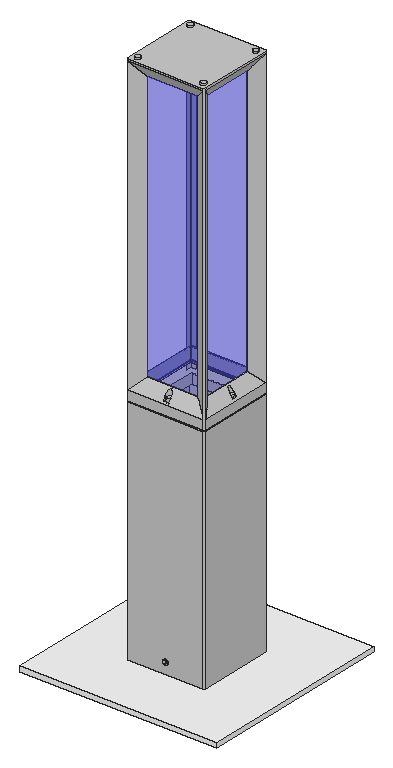
Revit family "BE_84667_de_DE", category Leuchten, Revit 2020
Family settings
  Basisbauteil = Fläche
  Bemaßung runder Anschluss = Durchmesser verwenden
  Teiletyp = Normal
  Beim Laden mit Abzugskörper schneiden = Ja
  Lichtquelle = Ja
  Gemeinsam genutzt = Nein
  Raumberechnungspunkt = Ja
Parameters (values of type "BEGA_84667_Silber_K3")
  built-in parameter 1150104 = 12.975 (stored number, unit not read)
  Wattage = 23.2 W
  Default Elevation = 0 mm
  built-in parameter 1150113 = 1 (stored number, unit not read)
  built-in parameter 1114218 = 1 (stored number, unit not read)
  Umgebungstemperatur = "25 °C"
  URL = "https://www.bega.com/de/produkt/84667"
  Typenkommentare = "© 2022 BEGA. Wir behalten uns das Recht vor, technische Änderungen ohne vorherige Ankündigung vorzunehmen."  # constant formula
  Type Image = 84667.png
  built-in parameter 1150134 = (empty or 0)
  built-in parameter 1150109 = 1 (stored number, unit not read)
  Strom = ""
  built-in parameter 1150110 = 1 (stored number, unit not read)
  Spannung = 239.996 V
  Sonderanfertigung = no
  Seriennummer [instance] = "Hier können Sie die eindeutige Seriennummer für das Facility Management eintragen."
  Schutzklasse = "I"
  Schutzart = "IP 65"
  Scheinlast = 0 VA
  Produktdatenblatt = "https://cdn.bega.com/bega/products/84667K3/current/documents/data-sheets/de"
  Oberflächentemperatur = ""
  Neigungswinkel = 0.00°
  Modell = "84667AK3"
  Material_18 = BEGA_Gummi_schwarz
  Material_17 = BEGA_Reflektor
  Material_15 = BEGA_Leuchtmedium_matt
  Material_14 = BEGA_Kunststoff_opal
  Material_11 = BEGA_Glas_opal
  Material_09 = BEGA_Glas_klar
  Material_06 = BEGA_Oberfläche_Edelstahl_gebürstet
  Material_03 = BEGA_Oberfläche_Weiss_matt
  Material_02 = BEGA_Oberfläche_Silber_matt
  Material_01 [instance] = BEGA_Oberfläche_Grafit_matt
  M_W = no
  M_G = no
  M_A = yes
  Logo = 0
  built-in parameter 1114217 = 1 (stored number, unit not read)
  built-in parameter 1150139 = (empty or 0)
  built-in parameter 1150105 = 257.84 (stored number, unit not read)
  built-in parameter 1150114 = 1 (stored number, unit not read)
  Lumens = 3240.11 lm
  built-in parameter 1150115 = 1 (stored number, unit not read)
  Leuchtenlichtstrom = "2427 lm"
  Leuchtenanzahl = ""
  Lebensdauerkriterien = "L70B50 @ 25 °C = 170000 h"
  Lastklassifizierung = Beleuchtung
  built-in parameter 1150112 = 1 (stored number, unit not read)
  Lampenlichtstrom = "3840 lm"
  Lampe = "LED 22.4 W"
  LED_Modulbezeichnung = "4x LED-1312/830"
  built-in parameter 1150142 = (empty or 0)
  Hersteller = "BEGA"  # constant formula
  Halbstreuwinkel = ""
  Gewicht = "9.7 kg"
  Gebrauchslageneinschränkung [instance] = ""
  Frequenz = "0/50-60 Hz"
  Farbwiedergabeindex = "CRI > 80"
  Farbtemperaturverschiebung bei Dämpfen der Lampe = <Keine Auswahl>
  Farbtemperatur = "3000 K"
  Farbfilter = 16777215
  Erdstück = no
  built-in parameter 1150133 = 10 (stored number, unit not read)
  Energieeffizienzklasse = "LED A++ - A"
  built-in parameter 1150137 = (empty or 0)
  built-in parameter 1150132 = (empty or 0)
  ENEC = "ja"
  Dimmbar [instance] = "DALI"
  Datei für fotometrisches Netz = "BE_84667K3.IES"
  CE_Konformität = "ja"
  Bestellnummer_Erdstück = if(Erdstück, "70895", "---")  # "---"
  Bestellnummer = "84667AK3"
  Beschreibung_Sonderanfertigung = "Hier können Sie Informationen zur Sonderanfertigung eintragen."
  Beschreibung = "Pollerleuchte"
  built-in parameter 1150106 = 2.5784 (stored number, unit not read)
  Befestigungsbohrung = ""
  Befestigungsabstand = ""
  Ballwurfsicher = ""
  BEGA_Intern_aus = yes
  BEGA_Intern_an = yes
  BEGA_Intern_Konstruktion = yes
  BEGA_Intern = yes
  BEGA_IES = yes
  BEGA_Dummy = no
  Anschlussleitung = ""
  Anschlussleistung [instance] = "25.5 W"
  built-in parameter 1150107 = 3000 (stored number, unit not read)
  built-in parameter 1150102 = (empty or 0)
  built-in parameter 1150138 = (empty or 0)
  Aktualisierung = "2022-05-19T04:00:07"
  Abstand_zur_angestrahlten_Fläche [instance] = ""
  AC/DC = "AC/DC"
Types (4, lengths in mm): name | built-in parameter 1150104 | built-in parameter 1150134 | Modell | M_G | M_A | built-in parameter 1150105 | Lumens | Leuchtenlichtstrom | Lampenlichtstrom | LED_Modulbezeichnung | Farbtemperatur | Datei für fotometrisches Netz | Bestellnummer | built-in parameter 1150106 | built-in parameter 1150107
  BEGA_84667_Silber_K3 | 12.975 (stored number, unit not read) | (empty or 0) | "84667AK3" | no | yes | 257.84 (stored number, unit not read) | 3240.11 lm | "2427 lm" | "3840 lm" | "4x LED-1312/830" | "3000 K" | "BE_84667K3.IES" | "84667AK3" | 2.5784 (stored number, unit not read) | 3000 (stored number, unit not read)
  BEGA_84667_Silber_K4 | 14.256 (stored number, unit not read) | 12 | "84667AK4" | no | yes | 283.3 (stored number, unit not read) | 3560.04 lm | "2553 lm" | "4040 lm" | "4x LED-1312/840" | "4000 K" | "BE_84667K4.IES" | "84667AK4" | 2.833 (stored number, unit not read) | 4000 (stored number, unit not read)
  BEGA_84667_Grafit_K3 | 14.256 (stored number, unit not read) | 12 | "84667K3" | yes | no | 283.3 (stored number, unit not read) | 3560.04 lm | "2427 lm" | "3840 lm" | "4x LED-1312/830" | "3000 K" | "BE_84667K3.IES" | "84667K3" | 2.833 (stored number, unit not read) | 4000 (stored number, unit not read)
  BEGA_84667_Grafit_K4 | 14.256 (stored number, unit not read) | 12 | "84667K4" | yes | no | 283.3 (stored number, unit not read) | 3560.04 lm | "2553 lm" | "4040 lm" | "4x LED-1312/840" | "4000 K" | "BE_84667K4.IES" | "84667K4" | 2.833 (stored number, unit not read) | 4000 (stored number, unit not read)
Reference planes
  plane 1 "Mitte (Vorne/Hinten)": y = 0
  plane 2: z = 0
  plane 3 "Mitte (Links/Rechts)": x = 0
  plane 4 "Links": x = -80.17
  plane 5 "Rechts": x = 80.17
  plane 6 "Unten": y = -80.171
  plane 7 "Oben": y = 80.171
  plane 8 "Vorne": z = 1099.017
  plane 9 "Hinten": z = 0
Forms (mm)
  Extrusion 1, solid, material "BEGA_Platte_Weiss"
    sketch origin (0, -1119.2, 0) x (1, 0, 0) y (0, 1, 0)
      loop
        line (-200, 1319.2) -> (-200, 919.2) -> (200, 919.2) -> (200, 1319.2) -> (-200, 1319.2)
    from 0 to -10
  Extrusion 2, solid, material "BEGA_Dummy_matt", visible <- "BEGA_Dummy"
    sketch origin (80.095, -76.023, 0) x (1, 0, 0) y (0, 1, 0)
      loop
        line (-160.266, 156.194) -> (-160.266, -4.148) -> (0.075, -4.148) -> (0.075, 156.194) -> (-160.266, 156.194)
    from 0 to 1099.017
Dimensions and locks
  plane 1 "Mitte (Vorne/Hinten)" to Extrusion 1 = 200 mm
  aligned and locked: plane 2 to Extrusion 1
  aligned and locked: level to Extrusion 1
Nested families
  nested 1: "BE_84667" at (0, 0, 0), type "BE_84667"
Connectors
  electrical at (0, 0, 0), driven by "Lastklassifizierung", driven by "Spannung", driven by "Scheinlast"
    settings: index 1, voltage 239.996 V, apparent load 0 VA, apparent load phase1 0 VA, apparent load phase2 0 VA, apparent load phase3 0 VA, power factor 1, load classification "Beleuchtung", number of poles 1, system type 31, power factor state 1, is connector primary yes, connector utility no, sub classification motor no, connector description ""
Definition of nested family "BE_84667"
  Parameters (values of type "BE_84667")
    Default Elevation = 1 mm
    URL = "http://www.bega.de/de/produkt"
    Type Comments = "© 2015 BEGA. Wir behalten uns das Recht vor, technische Änderungen ohne vorherige Ankündigung vorzunehmen. "  # constant formula
    Type Image = (empty or 0)
    Material_18 = none
    Material_17 = none
    Material_15 = none
    Material_14 = none
    Material_11 = none
    Material_09 = none
    Material_06 = none
    Material_03 = none
    Material_02 = none
    Material_01 = none
    M_W = yes
    M_G = yes
    M_A = yes
    Länge_Platte = 200 mm  # constant formula
    Höhe_Platte = -10 mm  # constant formula
    Manufacturer = "BEGA"  # constant formula
    Breite_Platte = 200 mm  # constant formula
  Reference planes
    plane 1 "Mitte (Oben/Unten)": y = 0
    plane 2: z = 0
    plane 3 "Mitte (Links/Rechts)": x = 0
    plane 4: x = -80.17
    plane 5: z = 1099.017
    plane 6: z = 1099.017
    plane 7: x = 80.17
    plane 8: y = -80.171
    plane 9: y = 80.171
  Forms (mm)
    Extrusion 1, solid, detail levels medium
      sketch origin (0, 0, 0) x (1, 0, 0) y (0, 1, 0)
        loop
          line (-100, 100) -> (-100, -100) -> (100, -100) -> (100, 100) -> (-100, 100)
      from 0 to -10 <- "Höhe_Platte"
    Extrusion 2, solid, material <- "Material_01", visible <- "M_G", detail levels medium+fine
      sketch origin (0, 0, 0) x (1, 0, 0) y (0, 1, 0)
        loop
          circle (0, 0) r 76
        loop
          arc (12.543, 43.745) -> (18.102, 46.827) -> (15.021, 52.386) r 4.495
          arc (15.021, 52.386) -> (0.004, 54.497) -> (-15.014, 52.388) r 54.493
          arc (-15.014, 52.388) -> (-18.105, 46.831) -> (-12.544, 43.745) r 4.495
          arc (-12.544, 43.745) -> (-0.001, 45.508) -> (12.543, 43.745) r 45.516
        loop
          arc (-44.156, -11.01) -> (-49.605, -7.737) -> (-52.878, -13.185) r 4.495
          arc (-52.878, -13.185) -> (-47.198, -27.245) -> (-37.863, -39.196) r 54.493
          arc (-37.863, -39.196) -> (-31.505, -39.095) -> (-31.612, -32.736) r 4.495
          arc (-31.612, -32.736) -> (-39.411, -22.754) -> (-44.156, -11.01) r 45.516
        loop
          arc (37.859, -39.2) -> (47.193, -27.253) -> (52.875, -13.198) r 54.493
          arc (52.875, -13.198) -> (49.612, -7.737) -> (44.157, -11.009) r 4.494
          arc (44.157, -11.009) -> (39.411, -22.753) -> (31.613, -32.735) r 45.516
          arc (31.613, -32.735) -> (31.504, -39.09) -> (37.859, -39.2) r 4.495
        loop
          arc (-21.883, 22.658) -> (-21.793, 27.604) -> (-26.74, 27.699) r 3.5
          arc (-26.74, 27.699) -> (-33.344, 19.247) -> (-37.359, 9.302) r 38.5
          arc (-37.359, 9.302) -> (-34.802, 5.069) -> (-30.564, 7.621) r 3.5
          arc (-30.564, 7.621) -> (-27.28, 15.749) -> (-21.883, 22.658) r 31.5
        loop
          arc (26.744, 27.695) -> (21.795, 27.609) -> (21.881, 22.66) r 3.5
          arc (21.881, 22.66) -> (27.28, 15.75) -> (30.564, 7.621) r 31.5
          arc (30.564, 7.621) -> (34.807, 5.072) -> (37.356, 9.315) r 3.5
          arc (37.356, 9.315) -> (33.342, 19.251) -> (26.744, 27.695) r 38.5
        loop
          arc (-8.682, -30.28) -> (-13.01, -32.677) -> (-10.617, -37.007) r 3.5
          arc (-10.617, -37.007) -> (0.002, -38.5) -> (10.621, -37.006) r 38.5
          arc (10.621, -37.006) -> (13.011, -32.675) -> (8.683, -30.28) r 3.5
          arc (8.683, -30.28) -> (0, -31.5) -> (-8.682, -30.28) r 31.5
        loop
          circle (0, 0) r 21.562
      from 0 to 5.68
    Sweep 3, solid, material <- "Material_01", visible <- "M_G", detail levels medium+fine
      path origin (0, 0, 0) x (1, 0, 0) y (0, 1, 0)
        loop
          line (-80.008, 80.008) -> (-80.008, -80.008) -> (80.008, -80.008) -> (80.008, 80.008) -> (-80.008, 80.008)
      profile origin (-80.008, 0, 0) x (1, 0, 0) y (0, 0, 1)
        loop
          line (0, 2.387) -> (2.508, 2.387) -> (2.508, 457.387) -> (30.465, 457.387) -> (30.465, 479.002) -> (3.508, 479.002) -> (3.508, 472.387) -> (0, 472.387) -> (0, 2.387)
    Extrusion 4, solid, material <- "Material_01", visible <- "M_G", detail levels medium+fine
      sketch origin (0, 0, 0) x (1, 0, 0) y (0, 1, 0)
        loop
          line (-77.5, 77.5) -> (-77.5, -77.5) -> (77.5, -77.5) -> (77.5, 77.5) -> (-77.5, 77.5)
        loop
          circle (0, 0) r 76
        loop
          circle (-60.104, 60.104) r 4
        loop
          circle (60.104, 60.104) r 4
        loop
          circle (-60.104, -60.104) r 4
        loop
          circle (62.225, -62.225) r 2.5
      from 5.68 to 12.547
    Sweep 5, solid, material <- "Material_01", visible <- "M_G", detail levels medium+fine
      path origin (0, 0, 0) x (1, 0, 0) y (0, 1, 0)
        loop
          line (-80.008, 80.008) -> (-80.008, -80.008) -> (80.008, -80.008) -> (80.008, 80.008) -> (-80.008, 80.008)
      profile origin (-80.008, 0, 0) x (1, 0, 0) y (0, 0, 1)
        loop
          line (3.008, 475.605) -> (3.658, 494.217) -> (18.508, 494.217) -> (18.508, 519.105) -> (17.215, 519.105) -> (-0.163, 493.994) -> (-0.163, 475.605) -> (3.008, 475.605)
    Sweep 6, solid, material <- "Material_01", visible <- "M_G", detail levels medium+fine
      path origin (0, 0, 0) x (1, 0, 0) y (0, 1, 0)
        loop
          line (-80.008, 80.008) -> (-80.008, -80.008) -> (80.008, -80.008) -> (80.008, 80.008) -> (-80.008, 80.008)
      profile origin (-80.008, 0, 0) x (1, 0, 0) y (0, 0, 1)
        loop
          line (-0.163, 1099.017) -> (-0.163, 1094.579) -> (17.425, 1069.017) -> (18.543, 1069.017) -> (18.543, 1095.017) -> (50.386, 1095.017) -> (50.386, 1099.017) -> (-0.163, 1099.017)
    Extrusion 7, solid, material <- "Material_01", visible <- "M_G", detail levels medium+fine
      sketch origin (0, 0, 0) x (1, 0, 0) y (0, 0, 1)
        loop
          line (-29.622, 1099.017) -> (-29.622, 1095.017) -> (29.622, 1095.017) -> (29.622, 1099.017) -> (-29.622, 1099.017)
      from -29.622 to 34.5
    Extrusion 8, solid, material <- "Material_01", visible <- "M_G", detail levels medium+fine
      sketch origin (0, 0, 0) x (1, 0, 0) y (0, 1, 0)
        loop
          line (-62.793, 51.784) -> (-62.793, 62.793) -> (-51.784, 62.793) -> (-76.602, 80.171) -> (-80.171, 80.171) -> (-80.171, 76.602) -> (-62.793, 51.784)
        loop
          line (62.793, 51.784) -> (80.171, 76.602) -> (80.171, 80.171) -> (76.602, 80.171) -> (51.784, 62.793) -> (62.793, 62.793) -> (62.793, 51.784)
        loop
          line (-62.793, -51.784) -> (-80.171, -76.602) -> (-80.171, -80.171) -> (-76.602, -80.171) -> (-51.784, -62.793) -> (-62.793, -62.793) -> (-62.793, -51.784)
        loop
          line (62.793, -51.784) -> (62.793, -62.793) -> (51.784, -62.793) -> (76.602, -80.171) -> (80.171, -80.171) -> (80.171, -76.602) -> (62.793, -51.784)
      from 475.887 to 1099.017
    Extrusion 9, void
      sketch origin (0, 0, 0) x (1, 0, 0) y (0, 1, 0)
        loop
          line (-76.026, 80.746) -> (-80.575, 80.746) -> (-80.575, 76.198) -> (-76.026, 80.746)
      from 0 to 1102.71
    Extrusion 10, void
      sketch origin (0, 0, 0) x (1, 0, 0) y (0, 1, 0)
        loop
          line (80.566, 80.582) -> (76.158, 80.582) -> (80.566, 76.174) -> (80.566, 80.582)
      from 0 to 1105.931
    Extrusion 11, void
      sketch origin (0, 0, 0) x (1, 0, 0) y (0, 1, 0)
        loop
          line (-76.026, -80.746) -> (-80.575, -76.198) -> (-80.575, -80.746) -> (-76.026, -80.746)
      from 0 to 1102.71
    Extrusion 12, void
      sketch origin (0, 0, 0) x (1, 0, 0) y (0, 1, 0)
        loop
          line (80.566, -80.582) -> (80.566, -76.174) -> (76.158, -80.582) -> (80.566, -80.582)
      from 0 to 1105.931
    Extrusion 13, solid, material <- "Material_06", detail levels fine
      sketch origin (0, 0, 0) x (1, 0, 0) y (0, 1, 0)
        loop
          arc (-71.794, 64.486) -> (-65.619, 61.439) -> (-61.308, 66.808) r 5.5
          arc (-61.308, 66.808) -> (-67.997, 72.178) -> (-71.794, 64.486) r 5.5
        loop
          arc (71.794, 64.486) -> (67.997, 72.178) -> (61.308, 66.808) r 5.5
          arc (61.308, 66.808) -> (65.619, 61.439) -> (71.794, 64.486) r 5.5
        loop
          arc (-71.794, -64.486) -> (-67.997, -72.178) -> (-61.308, -66.808) r 5.5
          arc (-61.308, -66.808) -> (-65.619, -61.438) -> (-71.794, -64.486) r 5.5
        loop
          arc (71.794, -64.486) -> (65.619, -61.438) -> (61.308, -66.808) r 5.5
          arc (61.308, -66.808) -> (67.997, -72.178) -> (71.794, -64.486) r 5.5
      from 1099.017 to 1100.71
    Extrusion 14, void
      sketch origin (0, 0, 0) x (1, 0, 0) y (0, 1, 0)
        loop
          line (-82.825, 5.803) -> (-82.825, -5.803) -> (-70.737, -5.803)
          arc (-70.737, -5.803) -> (-64.934, 0) -> (-70.737, 5.803) r 5.803
          line (-70.737, 5.803) -> (-82.825, 5.803)
        loop
          line (82.825, 5.803) -> (70.737, 5.803)
          arc (70.737, 5.803) -> (64.934, 0) -> (70.737, -5.803) r 5.803
          line (70.737, -5.803) -> (82.825, -5.803) -> (82.825, 5.803)
        loop
          line (-5.803, 82.679) -> (-5.803, 70.592)
          arc (-5.803, 70.592) -> (0, 64.789) -> (5.803, 70.592) r 5.803
          line (5.803, 70.592) -> (5.803, 82.679) -> (-5.803, 82.679)
        loop
          line (-5.803, -82.679) -> (5.803, -82.679) -> (5.803, -70.592)
          arc (5.803, -70.592) -> (0, -64.789) -> (-5.803, -70.592) r 5.803
          line (-5.803, -70.592) -> (-5.803, -82.679)
      from 497.823 to 518.752
    Extrusion 15, solid, material <- "Material_06", detail levels fine
      sketch origin (0, 0, 0) x (1, 0, 0) y (0, 1, 0)
        loop
          circle (-70.75, 0) r 5
        loop
          circle (70.75, 0) r 5
        loop
          circle (0, 70.75) r 5
        loop
          circle (0, -70.75) r 5
      from 497.887 to 503.887
    Revolve 16, void
      sketch origin (0, 0, 0) x (0, 1, 0) y (0, 0, 1)
        loop
          line (-77.832, 29.637) -> (-81.337, 29.637) -> (-81.337, 24.387) -> (-77.832, 24.387) -> (-77.832, 29.637)
        axis (-81.337, 24.387) -> (-77.832, 24.387)
      angle from 0 to 360
    Revolve 17, solid, material <- "Material_06", detail levels fine
      sketch origin (0, 0, 0) x (0, 1, 0) y (0, 0, 1)
        loop
          line (-77.832, 29.387) -> (-80.121, 29.387) -> (-81.041, 28.467) -> (-81.041, 24.387) -> (-77.832, 24.387) -> (-77.832, 29.387)
        axis (-81.041, 24.387) -> (-77.832, 24.387)
      angle from 0 to 360
    Sweep 18, solid, material <- "Material_14", detail levels medium+fine
      path origin (0, 0, 0) x (1, 0, 0) y (0, 1, 0)
        loop
          line (-77.5, -77.5) -> (77.5, -77.5) -> (77.5, 77.5) -> (-77.5, 77.5) -> (-77.5, -77.5)
      profile origin (-77.5, 0, 0) x (-1, 0, 0) y (0, 0, 1)
        loop
          line (-17.5, 491.387) -> (-17.5, 1088.387) -> (-21, 1088.387) -> (-21, 491.387) -> (-17.5, 491.387)
    Extrusion 19, solid, material <- "Material_02", visible <- "M_A", detail levels medium+fine
      sketch origin (0, 0, 0) x (1, 0, 0) y (0, 1, 0)
        loop
          circle (0, 0) r 76
        loop
          arc (12.543, 43.745) -> (18.102, 46.827) -> (15.021, 52.386) r 4.495
          arc (15.021, 52.386) -> (0.004, 54.497) -> (-15.014, 52.388) r 54.493
          arc (-15.014, 52.388) -> (-18.105, 46.831) -> (-12.544, 43.745) r 4.495
          arc (-12.544, 43.745) -> (-0.001, 45.508) -> (12.543, 43.745) r 45.516
        loop
          arc (-44.156, -11.01) -> (-49.605, -7.737) -> (-52.878, -13.185) r 4.495
          arc (-52.878, -13.185) -> (-47.198, -27.245) -> (-37.863, -39.196) r 54.493
          arc (-37.863, -39.196) -> (-31.505, -39.095) -> (-31.612, -32.736) r 4.495
          arc (-31.612, -32.736) -> (-39.411, -22.754) -> (-44.156, -11.01) r 45.516
        loop
          arc (37.859, -39.2) -> (47.193, -27.253) -> (52.875, -13.198) r 54.493
          arc (52.875, -13.198) -> (49.612, -7.737) -> (44.157, -11.009) r 4.494
          arc (44.157, -11.009) -> (39.411, -22.753) -> (31.613, -32.735) r 45.516
          arc (31.613, -32.735) -> (31.504, -39.09) -> (37.859, -39.2) r 4.495
        loop
          arc (-21.883, 22.658) -> (-21.793, 27.604) -> (-26.74, 27.699) r 3.5
          arc (-26.74, 27.699) -> (-33.344, 19.247) -> (-37.359, 9.302) r 38.5
          arc (-37.359, 9.302) -> (-34.802, 5.069) -> (-30.564, 7.621) r 3.5
          arc (-30.564, 7.621) -> (-27.28, 15.749) -> (-21.883, 22.658) r 31.5
        loop
          arc (26.744, 27.695) -> (21.795, 27.609) -> (21.881, 22.66) r 3.5
          arc (21.881, 22.66) -> (27.28, 15.75) -> (30.564, 7.621) r 31.5
          arc (30.564, 7.621) -> (34.807, 5.072) -> (37.356, 9.315) r 3.5
          arc (37.356, 9.315) -> (33.342, 19.251) -> (26.744, 27.695) r 38.5
        loop
          arc (-8.682, -30.28) -> (-13.01, -32.677) -> (-10.617, -37.007) r 3.5
          arc (-10.617, -37.007) -> (0.002, -38.5) -> (10.621, -37.006) r 38.5
          arc (10.621, -37.006) -> (13.011, -32.675) -> (8.683, -30.28) r 3.5
          arc (8.683, -30.28) -> (0, -31.5) -> (-8.682, -30.28) r 31.5
        loop
          circle (0, 0) r 21.562
      from 0 to 5.68
    Sweep 20, solid, material <- "Material_02", visible <- "M_A", detail levels medium+fine
      path origin (0, 0, 0) x (1, 0, 0) y (0, 1, 0)
        loop
          line (-80.008, 80.008) -> (-80.008, -80.008) -> (80.008, -80.008) -> (80.008, 80.008) -> (-80.008, 80.008)
      profile origin (-80.008, 0, 0) x (1, 0, 0) y (0, 0, 1)
        loop
          line (0, 2.387) -> (2.508, 2.387) -> (2.508, 457.387) -> (30.465, 457.387) -> (30.465, 479.002) -> (3.508, 479.002) -> (3.508, 472.387) -> (0, 472.387) -> (0, 2.387)
    Extrusion 21, solid, material <- "Material_02", visible <- "M_A", detail levels medium+fine
      sketch origin (0, 0, 0) x (1, 0, 0) y (0, 1, 0)
        loop
          line (-77.5, 77.5) -> (-77.5, -77.5) -> (77.5, -77.5) -> (77.5, 77.5) -> (-77.5, 77.5)
        loop
          circle (0, 0) r 76
        loop
          circle (-60.104, 60.104) r 4
        loop
          circle (60.104, 60.104) r 4
        loop
          circle (-60.104, -60.104) r 4
        loop
          circle (62.225, -62.225) r 2.5
      from 5.68 to 12.547
    Sweep 22, solid, material <- "Material_02", visible <- "M_A", detail levels medium+fine
      path origin (0, 0, 0) x (1, 0, 0) y (0, 1, 0)
        loop
          line (-80.008, 80.008) -> (-80.008, -80.008) -> (80.008, -80.008) -> (80.008, 80.008) -> (-80.008, 80.008)
      profile origin (-80.008, 0, 0) x (1, 0, 0) y (0, 0, 1)
        loop
          line (3.008, 475.605) -> (3.658, 494.217) -> (18.508, 494.217) -> (18.508, 519.105) -> (17.215, 519.105) -> (-0.163, 493.994) -> (-0.163, 475.605) -> (3.008, 475.605)
    Sweep 23, solid, material <- "Material_02", visible <- "M_A", detail levels medium+fine
      path origin (0, 0, 0) x (1, 0, 0) y (0, 1, 0)
        loop
          line (-80.008, 80.008) -> (-80.008, -80.008) -> (80.008, -80.008) -> (80.008, 80.008) -> (-80.008, 80.008)
      profile origin (-80.008, 0, 0) x (1, 0, 0) y (0, 0, 1)
        loop
          line (-0.163, 1099.017) -> (-0.163, 1094.579) -> (17.425, 1069.017) -> (18.543, 1069.017) -> (18.543, 1095.017) -> (50.386, 1095.017) -> (50.386, 1099.017) -> (-0.163, 1099.017)
    Extrusion 24, solid, material <- "Material_02", visible <- "M_A", detail levels medium+fine
      sketch origin (0, 0, 0) x (1, 0, 0) y (0, 0, 1)
        loop
          line (-29.622, 1099.017) -> (-29.622, 1095.017) -> (29.622, 1095.017) -> (29.622, 1099.017) -> (-29.622, 1099.017)
      from -29.622 to 34.5
    Extrusion 25, solid, material <- "Material_02", visible <- "M_A", detail levels medium+fine
      sketch origin (0, 0, 0) x (1, 0, 0) y (0, 1, 0)
        loop
          line (-62.793, 51.784) -> (-62.793, 62.793) -> (-51.784, 62.793) -> (-76.602, 80.171) -> (-80.171, 80.171) -> (-80.171, 76.602) -> (-62.793, 51.784)
        loop
          line (62.793, 51.784) -> (80.171, 76.602) -> (80.171, 80.171) -> (76.602, 80.171) -> (51.784, 62.793) -> (62.793, 62.793) -> (62.793, 51.784)
        loop
          line (-62.793, -51.784) -> (-80.171, -76.602) -> (-80.171, -80.171) -> (-76.602, -80.171) -> (-51.784, -62.793) -> (-62.793, -62.793) -> (-62.793, -51.784)
        loop
          line (62.793, -51.784) -> (62.793, -62.793) -> (51.784, -62.793) -> (76.602, -80.171) -> (80.171, -80.171) -> (80.171, -76.602) -> (62.793, -51.784)
      from 475.887 to 1099.017
  Cuts and joins
    Extrusion 9, Extrusion 10, Extrusion 11, Extrusion 12, Extrusion 14, Revolve 16 cuts Sweep 3
    Extrusion 9, Extrusion 10, Extrusion 11, Extrusion 12, Extrusion 14, Revolve 16 cuts Extrusion 4
    joined: Sweep 3, Extrusion 4
    Extrusion 9, Extrusion 10, Extrusion 11, Extrusion 12, Extrusion 14 cuts Sweep 5
    Extrusion 9, Extrusion 10, Extrusion 11, Extrusion 12, Extrusion 14 cuts Sweep 6
    Extrusion 11, Extrusion 12, Extrusion 14 cuts Extrusion 7
    Extrusion 9, Extrusion 10, Extrusion 11, Extrusion 12, Extrusion 14 cuts Extrusion 8
    joined: Sweep 5, Sweep 6, Extrusion 7, Extrusion 8
    Extrusion 9, Extrusion 10, Extrusion 11, Extrusion 12, Revolve 16 cuts Sweep 20
    joined: Sweep 20, Extrusion 21
    Extrusion 9, Extrusion 10, Extrusion 11, Extrusion 12, Extrusion 14 cuts Sweep 22
    Extrusion 9, Extrusion 10, Extrusion 11, Extrusion 12 cuts Sweep 23
    Extrusion 9 cuts Extrusion 24
    Extrusion 9, Extrusion 10, Extrusion 11, Extrusion 12 cuts Extrusion 25
    joined: Sweep 22, Sweep 23, Extrusion 24, Extrusion 25
  Dimensions and locks
    equal spacing: Extrusion 1 sketch curve, plane 3 "Mitte (Links/Rechts)", Extrusion 1 sketch curve
    equal spacing: Extrusion 1 sketch curve, plane 1 "Mitte (Oben/Unten)", Extrusion 1 sketch curve
    "Länge_Platte": Extrusion 1 sketch curve to Extrusion 1 sketch curve
    "Breite_Platte": Extrusion 1 sketch curve to Extrusion 1 sketch curve
    aligned and locked: Extrusion 1 to plane 2
    aligned and locked: level to Extrusion 1
  Automatic sketch dimensions
    Extrusion 2 sketch curve to Extrusion 2 sketch curve = 0 mm  (x27)
    Extrusion 2 sketch curve to plane 3 "Mitte (Links/Rechts)" = 0 mm  (x3)
    plane 1 "Mitte (Oben/Unten)" to Extrusion 2 sketch curve = 0 mm  (x3)
    Extrusion 2 sketch curve to plane 3 "Mitte (Links/Rechts)" = 0.004 mm
    Extrusion 2 sketch curve to Extrusion 2 sketch curve = 0.003 mm
    Extrusion 2 sketch curve to plane 3 "Mitte (Links/Rechts)" = 9.647 mm
    Extrusion 2 sketch curve to plane 3 "Mitte (Links/Rechts)" = 13.783 mm
    Extrusion 2 sketch curve to plane 3 "Mitte (Links/Rechts)" = 24.314 mm
    Extrusion 2 sketch curve to plane 1 "Mitte (Oben/Unten)" = 8.467 mm
    Extrusion 2 sketch curve to Extrusion 2 sketch curve = 9.647 mm
    Extrusion 2 sketch curve to Extrusion 2 sketch curve = 25.088 mm
    plane 1 "Mitte (Oben/Unten)" to Extrusion 2 sketch curve = 12.098 mm
    Extrusion 2 sketch curve to Extrusion 2 sketch curve = 14.557 mm  (x2)
    plane 3 "Mitte (Links/Rechts)" to Extrusion 2 sketch curve = 0 mm  (x4)
    Extrusion 2 sketch curve to plane 1 "Mitte (Oben/Unten)" = 0.001 mm
    plane 3 "Mitte (Links/Rechts)" to Extrusion 2 sketch curve = 0.001 mm
    plane 3 "Mitte (Links/Rechts)" to Extrusion 2 sketch curve = 0.003 mm
    Extrusion 2 sketch curve to Extrusion 2 sketch curve = 0.007 mm
    plane 3 "Mitte (Links/Rechts)" to Extrusion 2 sketch curve = 9.648 mm
    plane 3 "Mitte (Links/Rechts)" to Extrusion 2 sketch curve = 13.782 mm
    plane 3 "Mitte (Links/Rechts)" to Extrusion 2 sketch curve = 24.313 mm
    Extrusion 2 sketch curve to plane 1 "Mitte (Oben/Unten)" = 8.468 mm
    Extrusion 2 sketch curve to Extrusion 2 sketch curve = 9.648 mm
    Extrusion 2 sketch curve to Extrusion 2 sketch curve = 25.089 mm
    plane 1 "Mitte (Oben/Unten)" to Extrusion 2 sketch curve = 12.096 mm
    plane 1 "Mitte (Oben/Unten)" to Extrusion 2 sketch curve = 33.644 mm
    Extrusion 2 sketch curve to Extrusion 2 sketch curve = 2.324 mm
    Extrusion 2 sketch curve to Extrusion 2 sketch curve = 2.325 mm
    Extrusion 2 sketch curve to Extrusion 2 sketch curve = 0.008 mm
    plane 1 "Mitte (Oben/Unten)" to Extrusion 2 sketch curve = 0.003 mm
    plane 1 "Mitte (Oben/Unten)" to Extrusion 2 sketch curve = 0.002 mm
    Extrusion 2 sketch curve to plane 1 "Mitte (Oben/Unten)" = 0 mm
    Extrusion 2 sketch curve to plane 1 "Mitte (Oben/Unten)" = 0.004 mm  (x2)
    Extrusion 2 sketch curve to Extrusion 2 sketch curve = 0.004 mm
    Extrusion 2 sketch curve to Extrusion 2 sketch curve = 16.709 mm  (x2)
    Extrusion 2 sketch curve to Extrusion 2 sketch curve = 22.89 mm
    Extrusion 2 sketch curve to Extrusion 2 sketch curve = 22.889 mm
    Extrusion 2 sketch curve to Extrusion 2 sketch curve = 0.965 mm  (x2)
    Extrusion 2 sketch curve to Extrusion 2 sketch curve = 0.97 mm
    Extrusion 2 sketch curve to Extrusion 2 sketch curve = 1.239 mm  (x3)
    Extrusion 2 sketch curve to Extrusion 2 sketch curve = 1.231 mm
    Extrusion 2 sketch curve to Extrusion 2 sketch curve = 2.431 mm  (x3)
    Extrusion 2 sketch curve to Extrusion 2 sketch curve = 2.426 mm
    Extrusion 2 sketch curve to Extrusion 2 sketch curve = 3.397 mm
    Extrusion 2 sketch curve to Extrusion 2 sketch curve = 0.001 mm  (x3)
    Extrusion 2 sketch curve to Extrusion 2 sketch curve = 3.122 mm
    Extrusion 2 sketch curve to Extrusion 2 sketch curve = 3.399 mm
    Extrusion 2 sketch curve to Extrusion 2 sketch curve = 3.129 mm
    Extrusion 2 sketch curve to Extrusion 2 sketch curve = 4.361 mm  (x3)
    Extrusion 2 sketch curve to Extrusion 2 sketch curve = 0.973 mm
    Extrusion 2 sketch curve to Extrusion 2 sketch curve = 3.396 mm  (x2)
    Extrusion 2 sketch curve to Extrusion 2 sketch curve = 3.123 mm  (x2)
    Extrusion 2 sketch curve to Extrusion 2 sketch curve = 4.357 mm
    Extrusion 2 sketch curve to Extrusion 2 sketch curve = 1.087 mm
    Extrusion 2 sketch curve to Extrusion 2 sketch curve = 1.102 mm
    Extrusion 2 sketch curve to Extrusion 2 sketch curve = 3.364 mm
    Extrusion 2 sketch curve to Extrusion 2 sketch curve = 0.847 mm  (x2)
    Extrusion 2 sketch curve to Extrusion 2 sketch curve = 4.32 mm
    Sweep 3 sketch curve to plane 3 "Mitte (Links/Rechts)" = 80.008 mm
    plane 3 "Mitte (Links/Rechts)" to Sweep 3 sketch curve = 80.008 mm
    plane 1 "Mitte (Oben/Unten)" to Sweep 3 sketch curve = 80.008 mm
    Sweep 3 sketch curve to plane 1 "Mitte (Oben/Unten)" = 80.008 mm
    profile plane to Sweep 3 sketch curve = 0 mm
    Sweep 3 sketch curve to profile plane = 2.508 mm
    Sweep 3 sketch curve to profile plane = 3.508 mm
    Sweep 3 sketch curve to Sweep 3 sketch curve = 27.957 mm
    level to Sweep 3 sketch curve = 2.387 mm
    Sweep 3 sketch curve to Sweep 3 sketch curve = 455 mm
    Sweep 3 sketch curve to Sweep 3 sketch curve = 15 mm
    Sweep 3 sketch curve to Sweep 3 sketch curve = 21.614 mm
    Sweep 5 sketch curve to plane 3 "Mitte (Links/Rechts)" = 80.008 mm
    plane 3 "Mitte (Links/Rechts)" to Sweep 5 sketch curve = 80.008 mm
    plane 1 "Mitte (Oben/Unten)" to Sweep 5 sketch curve = 80.008 mm
    Sweep 5 sketch curve to plane 1 "Mitte (Oben/Unten)" = 80.008 mm
    profile plane to Sweep 5 sketch curve = 0.163 mm
    Sweep 5 sketch curve to profile plane = 3.008 mm
    Sweep 5 sketch curve to profile plane = 3.658 mm
    Sweep 5 sketch curve to profile plane = 17.215 mm
    Sweep 5 sketch curve to Sweep 5 sketch curve = 14.85 mm
    level to Sweep 5 sketch curve = 475.605 mm
    Sweep 5 sketch curve to Sweep 5 sketch curve = 18.389 mm
    Sweep 5 sketch curve to Sweep 5 sketch curve = 0.223 mm
    Sweep 5 sketch curve to Sweep 5 sketch curve = 24.887 mm
    Sweep 6 sketch curve to plane 3 "Mitte (Links/Rechts)" = 80.008 mm
    plane 3 "Mitte (Links/Rechts)" to Sweep 6 sketch curve = 80.008 mm
    plane 1 "Mitte (Oben/Unten)" to Sweep 6 sketch curve = 80.008 mm
    Sweep 6 sketch curve to plane 1 "Mitte (Oben/Unten)" = 80.008 mm
    profile plane to Sweep 6 sketch curve = 0.163 mm
    Sweep 6 sketch curve to profile plane = 17.425 mm
    Sweep 6 sketch curve to profile plane = 18.543 mm
    Sweep 6 sketch curve to Sweep 6 sketch curve = 31.843 mm
    level to Sweep 6 sketch curve = 1069.017 mm
    Sweep 6 sketch curve to Sweep 6 sketch curve = 25.562 mm
    Sweep 6 sketch curve to Sweep 6 sketch curve = 26 mm
    Sweep 6 sketch curve to Sweep 6 sketch curve = 4 mm
    Extrusion 7 sketch curve to plane 3 "Mitte (Links/Rechts)" = 29.622 mm
    plane 3 "Mitte (Links/Rechts)" to Extrusion 7 sketch curve = 29.622 mm
    level to Extrusion 7 sketch curve = 1095.017 mm
    Extrusion 7 sketch curve to Extrusion 7 sketch curve = 4 mm
    Extrusion 8 sketch curve to plane 3 "Mitte (Links/Rechts)" = 80.171 mm  (x2)
    Extrusion 8 sketch curve to Extrusion 8 sketch curve = 3.569 mm  (x8)
    Extrusion 8 sketch curve to Extrusion 8 sketch curve = 17.378 mm  (x4)
    Extrusion 8 sketch curve to Extrusion 8 sketch curve = 11.009 mm  (x8)
    plane 3 "Mitte (Links/Rechts)" to Extrusion 8 sketch curve = 51.784 mm  (x2)
    Extrusion 8 sketch curve to Extrusion 8 sketch curve = 13.809 mm  (x4)
    plane 1 "Mitte (Oben/Unten)" to Extrusion 8 sketch curve = 80.171 mm  (x2)
    Extrusion 8 sketch curve to plane 1 "Mitte (Oben/Unten)" = 51.784 mm  (x2)
    Extrusion 9 sketch curve to plane 3 "Mitte (Links/Rechts)" = 80.575 mm
    Extrusion 9 sketch curve to Extrusion 9 sketch curve = 4.548 mm  (x2)
    Extrusion 9 sketch curve to plane 1 "Mitte (Oben/Unten)" = 76.198 mm
    plane 3 "Mitte (Links/Rechts)" to Extrusion 10 sketch curve = 76.158 mm
    Extrusion 10 sketch curve to Extrusion 10 sketch curve = 4.408 mm  (x2)
    Extrusion 10 sketch curve to plane 1 "Mitte (Oben/Unten)" = 76.174 mm
    plane 3 "Mitte (Links/Rechts)" to Extrusion 11 sketch curve = 80.575 mm
    Extrusion 11 sketch curve to Extrusion 11 sketch curve = 4.548 mm  (x2)
    Extrusion 11 sketch curve to plane 1 "Mitte (Oben/Unten)" = 76.198 mm
    Extrusion 12 sketch curve to plane 3 "Mitte (Links/Rechts)" = 76.158 mm
    Extrusion 12 sketch curve to Extrusion 12 sketch curve = 4.408 mm  (x2)
    Extrusion 12 sketch curve to plane 1 "Mitte (Oben/Unten)" = 76.174 mm
    Extrusion 13 sketch curve to Extrusion 13 sketch curve = 0 mm  (x9)
    plane 1 "Mitte (Oben/Unten)" to Extrusion 13 sketch curve = 66.808 mm  (x2)
    Extrusion 13 sketch curve to plane 3 "Mitte (Links/Rechts)" = 66.808 mm
    Extrusion 13 sketch curve to Extrusion 13 sketch curve = 133.616 mm  (x2)
    Extrusion 13 sketch curve to plane 1 "Mitte (Oben/Unten)" = 66.808 mm  (x2)
    Extrusion 13 sketch curve to Extrusion 13 sketch curve = 4.986 mm  (x4)
    Extrusion 13 sketch curve to Extrusion 13 sketch curve = 5.5 mm  (x4)
    plane 1 "Mitte (Oben/Unten)" to Extrusion 14 sketch curve = 0 mm  (x2)
    Extrusion 14 sketch curve to plane 3 "Mitte (Links/Rechts)" = 0 mm  (x2)
    Extrusion 14 sketch curve to plane 3 "Mitte (Links/Rechts)" = 5.803 mm  (x2)
    plane 1 "Mitte (Oben/Unten)" to Extrusion 14 sketch curve = 5.803 mm  (x2)
    Extrusion 14 sketch curve to plane 3 "Mitte (Links/Rechts)" = 70.737 mm
    Extrusion 14 sketch curve to Extrusion 14 sketch curve = 12.087 mm  (x4)
    plane 3 "Mitte (Links/Rechts)" to Extrusion 14 sketch curve = 70.737 mm
    plane 1 "Mitte (Oben/Unten)" to Extrusion 14 sketch curve = 70.592 mm
    Extrusion 14 sketch curve to plane 1 "Mitte (Oben/Unten)" = 70.592 mm
    level to Revolve 16 sketch curve = 24.387 mm
    plane 1 "Mitte (Oben/Unten)" to Revolve 16 sketch curve = 81.337 mm
    Revolve 16 sketch curve to Revolve 16 sketch curve = 3.505 mm
    Revolve 16 sketch curve to Revolve 16 sketch curve = 5.25 mm
    Revolve 16 sketch curve to Revolve 16 sketch curve = 1.01 mm
    Revolve 16 sketch curve to Revolve 16 sketch curve = 0.332 mm
    Revolve 16 sketch curve to Revolve 16 sketch curve = 0 mm
    level to Revolve 17 sketch curve = 24.387 mm
    plane 1 "Mitte (Oben/Unten)" to Revolve 17 sketch curve = 81.041 mm
    Revolve 17 sketch curve to Revolve 17 sketch curve = 0.92 mm  (x2)
    Revolve 17 sketch curve to Revolve 17 sketch curve = 2.289 mm
    Revolve 17 sketch curve to Revolve 17 sketch curve = 4.08 mm
    Revolve 17 sketch curve to Revolve 17 sketch curve = 0 mm  (x3)
    Sweep 18 sketch curve to plane 3 "Mitte (Links/Rechts)" = 77.5 mm
    Sweep 18 sketch curve to plane 1 "Mitte (Oben/Unten)" = 77.5 mm
    plane 1 "Mitte (Oben/Unten)" to Sweep 18 sketch curve = 77.5 mm
    plane 3 "Mitte (Links/Rechts)" to Sweep 18 sketch curve = 77.5 mm
    profile plane to Sweep 18 sketch curve = 17.5 mm
    level to Sweep 18 sketch curve = 491.387 mm
    Sweep 18 sketch curve to Sweep 18 sketch curve = 3.5 mm
    Sweep 18 sketch curve to Sweep 18 sketch curve = 597 mm
    Extrusion 4 sketch curve to plane 3 "Mitte (Links/Rechts)" = 0 mm
    Extrusion 4 sketch curve to plane 3 "Mitte (Links/Rechts)" = 60.104 mm  (x2)
    Extrusion 4 sketch curve to Extrusion 4 sketch curve = 17.396 mm  (x3)
    plane 3 "Mitte (Links/Rechts)" to Extrusion 4 sketch curve = 60.104 mm
    plane 3 "Mitte (Links/Rechts)" to Extrusion 4 sketch curve = 62.225 mm
    Extrusion 4 sketch curve to Extrusion 4 sketch curve = 15.275 mm  (x2)
    plane 1 "Mitte (Oben/Unten)" to Extrusion 4 sketch curve = 77.5 mm
    plane 1 "Mitte (Oben/Unten)" to Extrusion 4 sketch curve = 0 mm
    Extrusion 4 sketch curve to plane 1 "Mitte (Oben/Unten)" = 60.104 mm  (x2)
    Extrusion 4 sketch curve to Extrusion 4 sketch curve = 15.896 mm
    Extrusion 19 sketch curve to Extrusion 19 sketch curve = 0 mm  (x27)
    Extrusion 19 sketch curve to plane 3 "Mitte (Links/Rechts)" = 0 mm  (x3)
    plane 1 "Mitte (Oben/Unten)" to Extrusion 19 sketch curve = 0 mm  (x3)
    Extrusion 19 sketch curve to plane 3 "Mitte (Links/Rechts)" = 0.004 mm
    Extrusion 19 sketch curve to Extrusion 19 sketch curve = 0.003 mm
    Extrusion 19 sketch curve to plane 3 "Mitte (Links/Rechts)" = 9.647 mm
    Extrusion 19 sketch curve to plane 3 "Mitte (Links/Rechts)" = 13.783 mm
    Extrusion 19 sketch curve to plane 3 "Mitte (Links/Rechts)" = 24.314 mm
    Extrusion 19 sketch curve to plane 1 "Mitte (Oben/Unten)" = 8.467 mm
    Extrusion 19 sketch curve to Extrusion 19 sketch curve = 9.647 mm
    Extrusion 19 sketch curve to Extrusion 19 sketch curve = 25.088 mm
    plane 1 "Mitte (Oben/Unten)" to Extrusion 19 sketch curve = 12.098 mm
    Extrusion 19 sketch curve to Extrusion 19 sketch curve = 14.557 mm  (x2)
    plane 3 "Mitte (Links/Rechts)" to Extrusion 19 sketch curve = 0 mm  (x4)
    Extrusion 19 sketch curve to plane 1 "Mitte (Oben/Unten)" = 0.001 mm
    plane 3 "Mitte (Links/Rechts)" to Extrusion 19 sketch curve = 0.001 mm
    plane 3 "Mitte (Links/Rechts)" to Extrusion 19 sketch curve = 0.003 mm
    Extrusion 19 sketch curve to Extrusion 19 sketch curve = 0.007 mm
    plane 3 "Mitte (Links/Rechts)" to Extrusion 19 sketch curve = 9.648 mm
    plane 3 "Mitte (Links/Rechts)" to Extrusion 19 sketch curve = 13.782 mm
    plane 3 "Mitte (Links/Rechts)" to Extrusion 19 sketch curve = 24.313 mm
    Extrusion 19 sketch curve to plane 1 "Mitte (Oben/Unten)" = 8.468 mm
    Extrusion 19 sketch curve to Extrusion 19 sketch curve = 9.648 mm
    Extrusion 19 sketch curve to Extrusion 19 sketch curve = 25.089 mm
    plane 1 "Mitte (Oben/Unten)" to Extrusion 19 sketch curve = 12.096 mm
    plane 1 "Mitte (Oben/Unten)" to Extrusion 19 sketch curve = 33.644 mm
    Extrusion 19 sketch curve to Extrusion 19 sketch curve = 2.324 mm
    Extrusion 19 sketch curve to Extrusion 19 sketch curve = 2.325 mm
    Extrusion 19 sketch curve to Extrusion 19 sketch curve = 0.008 mm
    plane 1 "Mitte (Oben/Unten)" to Extrusion 19 sketch curve = 0.003 mm
    plane 1 "Mitte (Oben/Unten)" to Extrusion 19 sketch curve = 0.002 mm
    Extrusion 19 sketch curve to plane 1 "Mitte (Oben/Unten)" = 0 mm
    Extrusion 19 sketch curve to plane 1 "Mitte (Oben/Unten)" = 0.004 mm  (x2)
    Extrusion 19 sketch curve to Extrusion 19 sketch curve = 0.004 mm
    Extrusion 19 sketch curve to Extrusion 19 sketch curve = 16.709 mm  (x2)
    Extrusion 19 sketch curve to Extrusion 19 sketch curve = 22.89 mm
    Extrusion 19 sketch curve to Extrusion 19 sketch curve = 22.889 mm
    Extrusion 19 sketch curve to Extrusion 19 sketch curve = 0.965 mm  (x2)
    Extrusion 19 sketch curve to Extrusion 19 sketch curve = 0.97 mm
    Extrusion 19 sketch curve to Extrusion 19 sketch curve = 1.239 mm  (x3)
    Extrusion 19 sketch curve to Extrusion 19 sketch curve = 1.231 mm
    Extrusion 19 sketch curve to Extrusion 19 sketch curve = 2.431 mm  (x3)
    Extrusion 19 sketch curve to Extrusion 19 sketch curve = 2.426 mm
    Extrusion 19 sketch curve to Extrusion 19 sketch curve = 3.397 mm
    Extrusion 19 sketch curve to Extrusion 19 sketch curve = 0.001 mm  (x3)
    Extrusion 19 sketch curve to Extrusion 19 sketch curve = 3.122 mm
    Extrusion 19 sketch curve to Extrusion 19 sketch curve = 3.399 mm
    Extrusion 19 sketch curve to Extrusion 19 sketch curve = 3.129 mm
    Extrusion 19 sketch curve to Extrusion 19 sketch curve = 4.361 mm  (x3)
    Extrusion 19 sketch curve to Extrusion 19 sketch curve = 0.973 mm
    Extrusion 19 sketch curve to Extrusion 19 sketch curve = 3.396 mm  (x2)
    Extrusion 19 sketch curve to Extrusion 19 sketch curve = 3.123 mm  (x2)
    Extrusion 19 sketch curve to Extrusion 19 sketch curve = 4.357 mm
    Extrusion 19 sketch curve to Extrusion 19 sketch curve = 1.087 mm
    Extrusion 19 sketch curve to Extrusion 19 sketch curve = 1.102 mm
    Extrusion 19 sketch curve to Extrusion 19 sketch curve = 3.364 mm
    Extrusion 19 sketch curve to Extrusion 19 sketch curve = 0.847 mm  (x2)
    Extrusion 19 sketch curve to Extrusion 19 sketch curve = 4.32 mm
    Sweep 20 sketch curve to plane 3 "Mitte (Links/Rechts)" = 80.008 mm
    plane 3 "Mitte (Links/Rechts)" to Sweep 20 sketch curve = 80.008 mm
    plane 1 "Mitte (Oben/Unten)" to Sweep 20 sketch curve = 80.008 mm
    Sweep 20 sketch curve to plane 1 "Mitte (Oben/Unten)" = 80.008 mm
    profile plane to Sweep 20 sketch curve = 0 mm
    Sweep 20 sketch curve to profile plane = 2.508 mm
    Sweep 20 sketch curve to profile plane = 3.508 mm
    Sweep 20 sketch curve to Sweep 20 sketch curve = 27.957 mm
    level to Sweep 20 sketch curve = 2.387 mm
    Sweep 20 sketch curve to Sweep 20 sketch curve = 455 mm
    Sweep 20 sketch curve to Sweep 20 sketch curve = 15 mm
    Sweep 20 sketch curve to Sweep 20 sketch curve = 21.614 mm
    Extrusion 21 sketch curve to Extrusion 21 sketch curve = 0 mm  (x2)
    Extrusion 21 sketch curve to plane 3 "Mitte (Links/Rechts)" = 0 mm
    Extrusion 21 sketch curve to plane 3 "Mitte (Links/Rechts)" = 60.104 mm  (x2)
    Extrusion 21 sketch curve to Extrusion 21 sketch curve = 17.396 mm  (x3)
    plane 3 "Mitte (Links/Rechts)" to Extrusion 21 sketch curve = 60.104 mm
    plane 3 "Mitte (Links/Rechts)" to Extrusion 21 sketch curve = 62.225 mm
    Extrusion 21 sketch curve to Extrusion 21 sketch curve = 15.275 mm  (x2)
    plane 1 "Mitte (Oben/Unten)" to Extrusion 21 sketch curve = 77.5 mm
    plane 1 "Mitte (Oben/Unten)" to Extrusion 21 sketch curve = 0 mm
    Extrusion 21 sketch curve to plane 1 "Mitte (Oben/Unten)" = 60.104 mm  (x2)
    Extrusion 21 sketch curve to Extrusion 21 sketch curve = 15.896 mm
    Sweep 22 sketch curve to plane 3 "Mitte (Links/Rechts)" = 80.008 mm
    plane 3 "Mitte (Links/Rechts)" to Sweep 22 sketch curve = 80.008 mm
    plane 1 "Mitte (Oben/Unten)" to Sweep 22 sketch curve = 80.008 mm
    Sweep 22 sketch curve to plane 1 "Mitte (Oben/Unten)" = 80.008 mm
    profile plane to Sweep 22 sketch curve = 0.163 mm
    Sweep 22 sketch curve to profile plane = 3.008 mm
    Sweep 22 sketch curve to profile plane = 3.658 mm
    Sweep 22 sketch curve to profile plane = 17.215 mm
    Sweep 22 sketch curve to Sweep 22 sketch curve = 14.85 mm
    level to Sweep 22 sketch curve = 475.605 mm
    Sweep 22 sketch curve to Sweep 22 sketch curve = 18.389 mm
    Sweep 22 sketch curve to Sweep 22 sketch curve = 0.223 mm
    Sweep 22 sketch curve to Sweep 22 sketch curve = 24.887 mm
    Sweep 23 sketch curve to plane 3 "Mitte (Links/Rechts)" = 80.008 mm
    plane 3 "Mitte (Links/Rechts)" to Sweep 23 sketch curve = 80.008 mm
    plane 1 "Mitte (Oben/Unten)" to Sweep 23 sketch curve = 80.008 mm
    Sweep 23 sketch curve to plane 1 "Mitte (Oben/Unten)" = 80.008 mm
    profile plane to Sweep 23 sketch curve = 0.163 mm
    Sweep 23 sketch curve to profile plane = 17.425 mm
    Sweep 23 sketch curve to profile plane = 18.543 mm
    Sweep 23 sketch curve to Sweep 23 sketch curve = 31.843 mm
    level to Sweep 23 sketch curve = 1069.017 mm
    Sweep 23 sketch curve to Sweep 23 sketch curve = 25.562 mm
    Sweep 23 sketch curve to Sweep 23 sketch curve = 26 mm
    Sweep 23 sketch curve to Sweep 23 sketch curve = 4 mm
    Extrusion 24 sketch curve to plane 3 "Mitte (Links/Rechts)" = 29.622 mm
    plane 3 "Mitte (Links/Rechts)" to Extrusion 24 sketch curve = 29.622 mm
    level to Extrusion 24 sketch curve = 1095.017 mm
    Extrusion 24 sketch curve to Extrusion 24 sketch curve = 4 mm
    Extrusion 25 sketch curve to plane 3 "Mitte (Links/Rechts)" = 80.171 mm  (x2)
    Extrusion 25 sketch curve to Extrusion 25 sketch curve = 3.569 mm  (x8)
    Extrusion 25 sketch curve to Extrusion 25 sketch curve = 17.378 mm  (x4)
    Extrusion 25 sketch curve to Extrusion 25 sketch curve = 11.009 mm  (x8)
    plane 3 "Mitte (Links/Rechts)" to Extrusion 25 sketch curve = 51.784 mm  (x2)
    Extrusion 25 sketch curve to Extrusion 25 sketch curve = 13.809 mm  (x4)
    plane 1 "Mitte (Oben/Unten)" to Extrusion 25 sketch curve = 80.171 mm  (x2)
    Extrusion 25 sketch curve to plane 1 "Mitte (Oben/Unten)" = 51.784 mm  (x2)
    radius of Extrusion 2 sketch curve = 76 mm
    radius of Extrusion 2 sketch curve = 21.562 mm
    radius of Extrusion 4 sketch curve = 4 mm  (x3)
    radius of Extrusion 4 sketch curve = 2.5 mm
    radius of Extrusion 19 sketch curve = 76 mm
    radius of Extrusion 19 sketch curve = 21.562 mm
    radius of Extrusion 21 sketch curve = 4 mm  (x3)
    radius of Extrusion 21 sketch curve = 2.5 mm
